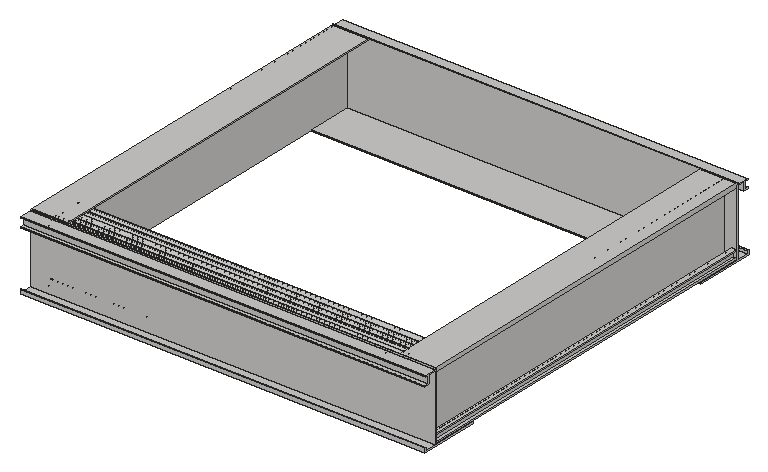
Revit family "Louver_Carnes-Alum-J_Blade-Stationary-FKDC", category Duct Accessories, host Face, Revit 2012
Parameters (values of type "FKDC")
  ecoScorecard_data = ""
  ecoScorecard Product Page = "http://ecoscorecard.com/"
  Width = 24"
  Warranty URL = "http://www.carnes.com/GeneralCatalogs/termcond.pdf"
  URL = "http://www.carnes.com/index.html"
  Subcategory = "Louvers and Dampers"  # constant formula
  Spec Sheet URL = "http://www.carnes.com/Louvers/pdf/17143.pdf"
  Product Page URL = "http://www.carnes.com/Louvers/FLDC-FKDC.htm"
  Product Line = "Extruded Aluminum Stationary J Blade Louver"  # constant formula
  Offset = 3"
  Model = "FKDC"  # constant formula
  Minimum Size = "12\"W x 12\"H"
  Maximum Vertical Size = "84\"W x 120\"H"
  Maximum System Velocity = 812 FPM  # constant formula
  Maximum System Pressure = 1.00 in-wg  # constant formula
  Maximum Size Note = ""
  Maximum Horinzontal Size = "120\"W x 84\"H"
  Manufacturer Phone = "608-845-6411"  # constant formula
  Manufacturer Fax = "608-845-6470"  # constant formula
  Manufacturer Email = "mailto:carnes@carnes.com"
  Manufacturer Address = "448 S. Main St., P. O. Box 930040, Verona, WI 53593-0040"  # constant formula
  Manufacturer = "CARNES COMPANY"  # constant formula
  Installation and Maintenance URL = ""
  Height = 24"
  Frame Material = Metal - Carnes - Steel - Galvanized
  Fire Closure Device = ""
  Duct Connector 2 = "Duct Connection 2"  # constant formula
  Duct Connector 1 = "Duct Connection 1"  # constant formula
  Description = "Extruded Aluminum Stationary J Blade Louver"  # constant formula
  Depth = 4 41/256"
  Default Elevation = 0"
  Cost Info = "mailto:carnes@carnes.com"
  Catalog URL = "http://www.carnes.com/Louvers/pdf/f4-5.pdf"
  Blade Width = Actual Width - 217/256" * 2  # 22 39/128"
  Blade Material = Metal - Carnes - Steel - Galvanized
  Assembly Code = "B2010300"
  Actual Width = if(Width < 6", 6", if(Width > 72", 72", Width))  # 24"
  Actual Height = if(Height < 6", 6", if(Height > 72", 72", Height))  # 24"
  95 CSI = "10200"  # constant formula
  04 CSI = "08 91 00"  # constant formula
Reference planes (in)
  plane 1 "Center (Front/Back)": y = 0
  plane 2: z = 0
  plane 3 "Center (Left/Right)": x = 0
  plane 4: x = -12
  plane 5: x = 12
  plane 6: y = 12
  plane 7: y = -12
  plane 8: y = -10.9375
  plane 9: x = -11.20993
  plane 10: x = 11.20993
  plane 11: z = -1.5
  plane 12: y = -11.47734
  plane 13: x = 22.20993
  plane 14: z = -5.375
  plane 15: z = -3
  plane 16: y = -9.48917
  plane 17: z = -1.90625
  plane 18: z = 1.5
  plane 19: z = -4.09375
  plane 20: z = -7.5
  plane 21: y = -10.85234
  plane 22: x = 10.20993
Forms (in)
  Extrusion 1, void
    sketch origin (0, 0, 0) x (1, 0, 0) y (0, 1, 0)
      loop
        line (12, -12) -> (12, 12) -> (-12, 12) -> (-12, -12) -> (12, -12)
    from 0 to -32.56442
  Sweep 2, solid, material "Metal - Carnes - Steel - Galvanized" <- "Frame Material", detail levels medium+fine
    path origin (0, -21.84066, -3) x (-1, 0, 0) y (0, -1, 0)
      loop
        line (12, -10.68775) -> (12, -32.99357)
    profile "Right-Left-Profile : Right-Left-Profile" origin (-12, 0, -3) x (-1, 0, 0) y (0, 0, 1)
      loop
        line (-2.13006, 2.01758) -> (-0.84709, 2.01758) -> (-0.84709, -2.08008) -> (-0.78459, -2.08008) -> (-0.78459, -1.99051) -> (-0.0593, -1.99051) -> (-0.0593, -1.92801) -> (-0.24689, -1.92801) -> (-0.24689, -1.49898) -> (0, -1.49898) -> (0, -1.43648) -> (-0.30939, -1.43648) -> (-0.30939, -1.92801) -> (-0.78459, -1.92801) -> (-0.78459, 2.01758) -> (-0.0625, 2.01758) -> (-0.0625, 1.83008) -> (0, 1.83008) -> (0, 2.08008) -> (-2.13006, 2.08008) -> (-2.13006, 2.01758)
  Sweep 3, solid, material "Metal - Carnes - Steel - Galvanized" <- "Frame Material", detail levels coarse
    path origin (0, -21.84066, -3) x (-1, 0, 0) y (0, -1, 0)
      loop
        line (0, -9.84066) -> (0, -33.84066)
    profile origin (0, 0, -3) x (-1, 0, 0) y (0, 0, 1)
      loop
        line (-12, 2.08008) -> (-12, -2.08008) -> (12, -2.08008) -> (12, 2.08008) -> (-12, 2.08008)
  Sweep 4, solid, material "Metal - Carnes - Steel - Galvanized" <- "Frame Material", detail levels medium+fine
    path origin (0, -21.84066, -3) x (-1, 0, 0) y (0, -1, 0)
      loop
        line (-12, -10.68775) -> (-12, -32.99357)
    profile "Right-Left-Profile : Right-Left-Profile" origin (12, 0, -3) x (-1, 0, 0) y (0, 0, 1)
      loop
        line (2.13006, 2.01758) -> (2.13006, 2.08008) -> (0, 2.08008) -> (0, 1.83008) -> (0.0625, 1.83008) -> (0.0625, 2.01758) -> (0.78459, 2.01758) -> (0.78459, -1.92801) -> (0.30939, -1.92801) -> (0.30939, -1.43648) -> (0, -1.43648) -> (0, -1.49898) -> (0.24689, -1.49898) -> (0.24689, -1.92801) -> (0.0593, -1.92801) -> (0.0593, -1.99051) -> (0.78459, -1.99051) -> (0.78459, -2.08008) -> (0.84709, -2.08008) -> (0.84709, 2.01758) -> (2.13006, 2.01758)
  Sweep 5, solid, material "Metal - Carnes - Steel - Galvanized" <- "Frame Material", detail levels medium+fine
    path origin (0, -21.84066, -3) x (-1, 0, 0) y (0, -1, 0)
      loop
        line (12, -33.84066) -> (-12, -33.84066)
    profile "Profile : Profile" origin (0, 12, -3) x (0, 1, 0) y (0, 0, 1)
      loop
        line (-3.54633, -2.01758) -> (-3.54633, -2.08008) -> (0, -2.08008) -> (0, -1.83008) -> (-0.0625, -1.83008) -> (-0.0625, -2.01758) -> (-0.78459, -2.01758) -> (-0.78459, 1.92801) -> (-0.30939, 1.92801) -> (-0.30939, 1.43648) -> (0, 1.43648) -> (0, 1.49898) -> (-0.24689, 1.49898) -> (-0.24689, 1.92801) -> (-0.0593, 1.92801) -> (-0.0593, 1.99051) -> (-0.78459, 1.99051) -> (-0.78459, 2.08008) -> (-0.84709, 2.08008) -> (-0.84709, -2.01758) -> (-3.54633, -2.01758)
  Sweep 6, solid, material "Metal - Carnes - Steel - Galvanized" <- "Frame Material", detail levels medium+fine
    path origin (0, 21.84066, -3) x (1, 0, 0) y (0, 1, 0)
      loop
        line (-12, -33.84066) -> (12, -33.84066)
    profile "Profile : Profile" origin (0, -12, -3) x (0, 1, 0) y (0, 0, 1)
      loop
        line (3.54633, -2.01758) -> (0.84709, -2.01758) -> (0.84709, 2.08008) -> (0.78459, 2.08008) -> (0.78459, 1.99051) -> (0.0593, 1.99051) -> (0.0593, 1.92801) -> (0.24689, 1.92801) -> (0.24689, 1.49898) -> (0, 1.49898) -> (0, 1.43648) -> (0.30939, 1.43648) -> (0.30939, 1.92801) -> (0.78459, 1.92801) -> (0.78459, -2.01758) -> (0.0625, -2.01758) -> (0.0625, -1.83008) -> (0, -1.83008) -> (0, -2.08008) -> (3.54633, -2.08008) -> (3.54633, -2.01758)
Lines and regions (in)
  symbolic lines, style "Damper"
    curve 1: line (12, 12, -3) -> (12, -12, -3)
    curve 2: line (-12, 12, -3) -> (12, 12, -3)
    curve 3: line (-12, -12, -3) -> (-12, 12, -3)
    curve 4: line (12, -12, -3) -> (-12, -12, -3)
  symbolic lines, style "Damper", detail levels medium+fine
    curve 5: line (12, 11.15291, -3) -> (-12, 11.15291, -3)
    curve 6: line (-12, -11.21541, -3) -> (12, -11.21541, -3)
    curve 7: line (9.86994, -11.21541, -3) -> (9.86994, 11.15291, -3)
    curve 8: line (-9.86994, 11.15291, -3) -> (-9.86994, -11.21541, -3)
Dimensions and locks (in)
  equal spacing: plane 7, plane 1 "Center (Front/Back)", plane 6
  equal spacing: plane 4, plane 3 "Center (Left/Right)", plane 5
  "Actual Width": plane 4 to plane 5
  "Actual Height": plane 6 to plane 7
  locked: plane 7 to plane 8 at 1.0625
  locked: plane 4 to plane 9 at 0.79007
  locked: plane 10 to plane 5 at 0.79007
  locked: plane 12 to plane 7 at 0.52266
  locked: plane 14 to plane 15 at 2.375
  locked: plane 16 to plane 8 at 1.44833
  "Offset": level to plane 15
  locked: plane 17 to plane 18 at 3.40625
  locked: plane 15 to plane 17 at 1.09375
  locked: plane 15 to plane 19 at 1.09375
  locked: plane 19 to plane 20 at 3.40625
  equal spacing: Sweep 3 sketch curve, plane 3 "Center (Left/Right)", Sweep 3 sketch curve
  "Actual Width": Sweep 3 sketch curve to Sweep 3 sketch curve
  locked: plane 7 to plane 21 at 1.14766
  locked: plane 5 to plane 22 at 1.79007
  aligned and locked: plane 2 to host face
  aligned and locked: level to host face
  aligned and locked: plane 5 to Extrusion 1 sketch curve
  aligned and locked: plane 7 to Extrusion 1 sketch curve
  aligned and locked: Extrusion 1 sketch curve to plane 4
  aligned and locked: Extrusion 1 sketch curve to plane 6
  aligned and locked: Extrusion 1 to level
  aligned: nested 2 to plane 12
  aligned: nested 2 to nested 5
  aligned: nested 5 to nested 4
  aligned: nested 4 to nested 6
  aligned: nested 3 to nested 5
  aligned: nested 1 to nested 5
  aligned: nested 3 to nested 2  (x2)
  aligned: nested 5 to nested 3  (x2)
  aligned: nested 4 to nested 5  (x2)
  aligned: nested 6 to nested 4  (x2)
  aligned: nested 6 to plane 15  (x3)
  aligned: nested 3 to plane 15  (x3)
  aligned: nested 5 to plane 15  (x3)
  aligned: nested 4 to plane 15  (x3)
  aligned: nested 2 to plane 15  (x3)
  aligned: nested 1 to plane 15  (x3)
  aligned: plane 16 to nested 6
  aligned: plane 12 to nested 1
  aligned and locked: plane 6 to Sweep 3 sketch curve
  aligned and locked: plane 7 to Sweep 3 sketch curve
  aligned and locked: plane 3 "Center (Left/Right)" to Sweep 3 sketch curve
  aligned: Sweep 2 to nested 1
  aligned: nested 1 to Sweep 2  (x2)
  aligned: nested 2 to plane 21
  aligned: nested 6 to Sweep 2
  aligned: nested 4 to Sweep 2
  aligned: nested 5 to Sweep 2
  aligned: nested 3 to Sweep 2
  aligned: nested 2 to Sweep 2
  aligned and locked: nested 1 to nested 2
  aligned and locked: nested 2 to nested 3
  aligned and locked: nested 3 to nested 5
  aligned and locked: nested 5 to nested 4
  aligned and locked: nested 4 to nested 6
  aligned and locked: plane 5 to Sweep 4 sketch curve
  aligned and locked: plane 6 to Sweep 5 sketch curve
  aligned and locked: plane 5 to Sweep 5 sketch curve
  aligned and locked: plane 4 to Sweep 5 sketch curve
  aligned and locked: Sweep 2 sketch curve to Sweep 5
  aligned and locked: Sweep 5 to Sweep 4 sketch curve
  aligned and locked: plane 7 to Sweep 6 sketch curve
  aligned and locked: plane 4 to Sweep 6 sketch curve
  aligned and locked: plane 5 to Sweep 6 sketch curve
  aligned and locked: Sweep 6 to Sweep 2 sketch curve
  aligned and locked: Sweep 4 sketch curve to Sweep 6
  aligned and locked: nested 1 to Sweep 6
  aligned and locked: Sweep 3 sketch curve to Sweep 6  (x2)
  aligned and locked: nested 1 to plane 15
  aligned and locked: nested 2 to plane 15
  aligned and locked: nested 3 to plane 15
  aligned and locked: nested 5 to plane 15
  aligned and locked: nested 4 to plane 15
  aligned and locked: nested 6 to plane 15
  aligned and locked: curve 7 to Sweep 4
  aligned and locked: curve 8 to Sweep 2
  aligned and locked: curve 5 to Sweep 5
  aligned and locked: Sweep 6 to curve 6
  aligned and locked: plane 5 to curve 6
  aligned and locked: plane 3 "Center (Left/Right)" to nested 1
Automatic sketch dimensions
  host sketch curve to host sketch curve = 96"  (x2)
  Sweep 2 sketch curve to plane 4 = 0"
  curve 2 to plane 4 = 0"
  curve 3 to plane 6 = 0"
  plane 7 to curve 3 = 0"
Nested families (in)
  nested 1: "Blade" at (0, -11.15291, -4.90943), type "Blades", detail levels fine
  nested 2: "Blade" at (0, -10.75525, -4.90943), type "Blades", detail levels fine
  nested 3: "Blade" at (0, -10.35758, -4.90943), type "Blades", detail levels fine
  nested 4: "Blade" at (0, -9.56226, -4.90943), type "Blades", detail levels fine
  nested 5: "Blade" at (0, -9.95992, -4.90943), type "Blades", detail levels fine
  nested 6: "Blade" at (0, -9.1646, -4.90943), type "Blades", detail levels fine
Connectors (in)
  hvac at (0, 0, -0.91992), driven by "Actual Height", driven by "Actual Width", driven by "Duct Connector 1"
    settings: on Sweep 3, index 1, duct flow 0 CFM, flow factor 0, pres drop 0.00 in-wg, loss coef 0, conn angle 0.00°, conn width 24", conn height 24", conn radius 12", duct sys type 3, conn prof type 1, flow config 0, flow direction 0, loss method 0, conn ref index 2, conn util no, is conn primary yes, conn desc "Duct Connection 1"
  hvac at (0, 0, -5.08008), driven by "Actual Height", driven by "Actual Width", driven by "Duct Connector 2"
    settings: on Sweep 3, index 2, duct flow 0 CFM, flow factor 0, pres drop 0.00 in-wg, loss coef 0, conn angle 0.00°, conn width 24", conn height 24", conn radius 12", duct sys type 3, conn prof type 1, flow config 0, flow direction 0, loss method 0, conn ref index 1, conn util no, is conn primary no, conn desc "Duct Connection 2"
Definition of nested family "Blade"
  Parameters (values of type "Blades")
    Width = 22 39/128"
    Unit = Metal - Carnes - Steel - Galvanized
    Assembly Code = ""
  Reference planes (in)
    plane 1 "Center (Front/Back)": y = 0
    plane 2: z = 0
    plane 3 "Center (Left/Right)": x = 0
    plane 4: x = -11.15234
    plane 5: x = 11.15234
    plane 6: z = 3.75781
    plane 7: z = 0.12354
    plane 8: y = 0.39766
    plane 9: z = 3.69531
    plane 10: z = 1.90943
  Forms (in)
    Extrusion 1, solid, material "Metal - Carnes - Steel - Galvanized" <- "Unit"
      sketch origin (0, 0, 0.35938) x (0, 1, 0) y (0, 0, 1)
        loop
          arc (0.23008, 2.94075) -> (0.19883, 3.33594) -> (0.16758, 2.94075) r 0.19883
          line (0.16758, 2.94075) -> (0.16758, 0.15936)
          arc (0.16758, 0.15936) -> (0.19883, -0.23583) -> (0.23008, 0.15936) r 0.19883
          line (0.23008, 0.15936) -> (0.23008, 2.94075)
        loop
          circle (0.19883, 3.13711) r 0.13633
        loop
          circle (0.19883, -0.037) r 0.13633
      from -11.15234 to 11.15234
  Lines and regions (in)
    symbolic lines, style "Damper"
      curve 1: line (-9.87109, 0.39763, 0) -> (9.87109, 0.39763, 0)
      curve 2: line (9.87109, 0, 0) -> (-9.87109, 0, 0)
      curve 3: line (-9.87109, 0, 0) -> (-9.87109, 0.39763, 0)
      curve 4: line (9.87109, 0, 0) -> (9.87109, 0.39763, 0)
  Dimensions and locks (in)
    equal spacing: plane 4, plane 3 "Center (Left/Right)", plane 5
    "Width": plane 4 to plane 5
    plane 6 to level = 3 97/128"
    locked: plane 6 to plane 9 at 0.0625
    locked: plane 4 to curve 3 at 1.28125
    locked: curve 4 to plane 5 at 1.28125
    aligned and locked: level to plane 2
    aligned and locked: plane 4 to Extrusion 1
    aligned and locked: plane 5 to Extrusion 1
    aligned and locked: curve 2 to plane 1 "Center (Front/Back)"
  Automatic sketch dimensions
    Extrusion 1 sketch curve to Extrusion 1 sketch curve = 0"  (x5)
    Extrusion 1 sketch curve to plane 1 "Center (Front/Back)" = 0.16758"
    Extrusion 1 sketch curve to Extrusion 1 sketch curve = 1/32"  (x3)
    level to Extrusion 1 sketch curve = 0.32237"
    Extrusion 1 sketch curve to Extrusion 1 sketch curve = 0.19636"  (x2)
    Extrusion 1 sketch curve to Extrusion 1 sketch curve = 2.78139"
    plane 8 to curve 3 = 0.00003"
    radius of Extrusion 1 sketch curve = 0.13633"  (x2)
